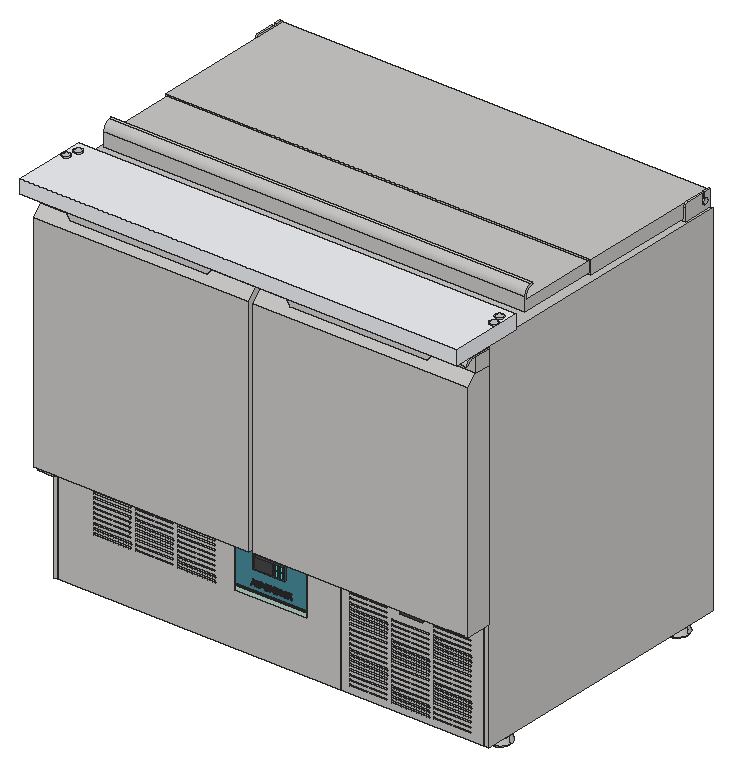
Revit family "QF_ALPENINOX_729616_ASAL25L2C9", category Attrezzature speciali, Revit 2021 (continued)
Definition of nested family "HORIZREF_APX_DISPLAY"
  Forms (mm)
    Extrusion 6, void
      sketch origin (0, 0, 0) x (1, 0, 0) y (0, 1, 0)
        loop
          arc (-7.884, -24.333) -> (-10.608, -24.223) -> (-12.283, -22.072) r 3.237
        loop
          line (-2.51, -16.15) -> (-2.51, -25.564)
          arc (-2.51, -25.564) -> (-1.255, -26.819) -> (0, -25.564) r 1.255
          line (0, -25.564) -> (0, -19.337) -> (5.334, -26.311)
          arc (5.334, -26.311) -> (6.759, -26.777) -> (7.642, -25.564) r 1.275
          line (7.642, -25.564) -> (7.642, -16.15)
          arc (7.642, -16.15) -> (6.387, -14.896) -> (5.133, -16.15) r 1.254
          line (5.133, -16.15) -> (5.133, -22.46) -> (-0.2, -15.406)
          arc (-0.2, -15.406) -> (-1.626, -14.937) -> (-2.51, -16.15) r 1.275
        loop
          arc (9.21, -25.564) -> (10.463, -26.818) -> (11.717, -25.564) r 1.254
          line (11.717, -25.564) -> (11.717, -16.15)
          arc (11.717, -16.15) -> (10.463, -14.897) -> (9.21, -16.15) r 1.254
          line (9.21, -16.15) -> (9.21, -25.564)
        loop
          line (13.286, -16.15) -> (13.286, -25.564)
          arc (13.286, -25.564) -> (14.541, -26.819) -> (15.796, -25.564) r 1.255
          line (15.796, -25.564) -> (15.796, -19.337) -> (21.13, -26.311)
          arc (21.13, -26.311) -> (22.555, -26.777) -> (23.438, -25.564) r 1.275
          line (23.438, -25.564) -> (23.438, -16.15)
          arc (23.438, -16.15) -> (22.183, -14.896) -> (20.929, -16.15) r 1.254
          line (20.929, -16.15) -> (20.929, -22.46) -> (15.596, -15.406)
          arc (15.596, -15.406) -> (14.17, -14.937) -> (13.286, -16.15) r 1.275
        loop
          arc (24.757, -20.858) -> (25.409, -23.75) -> (27.345, -25.996) r 6.12
          arc (27.345, -25.996) -> (28.851, -26.727) -> (30.509, -26.957) r 5.355
          arc (30.509, -26.957) -> (32.166, -26.727) -> (33.672, -25.996) r 5.355
          arc (33.672, -25.996) -> (35.608, -23.75) -> (36.26, -20.858) r 6.12
          arc (36.26, -20.858) -> (35.608, -17.965) -> (33.672, -15.719) r 6.12
          arc (33.672, -15.719) -> (32.166, -14.989) -> (30.509, -14.758) r 5.355
          arc (30.509, -14.758) -> (28.851, -14.989) -> (27.345, -15.719) r 5.355
          arc (27.345, -15.719) -> (25.409, -17.965) -> (24.757, -20.858) r 6.12
        loop
          arc (27.383, -20.858) -> (27.641, -22.549) -> (28.591, -23.972) r 3.945
          arc (28.591, -23.972) -> (29.485, -24.494) -> (30.509, -24.645) r 2.729
          arc (30.509, -24.645) -> (31.533, -24.494) -> (32.427, -23.972) r 2.729
          arc (32.427, -23.972) -> (33.377, -22.549) -> (33.635, -20.858) r 3.945
          arc (33.635, -20.858) -> (33.377, -19.166) -> (32.427, -17.743) r 3.945
          arc (32.427, -17.743) -> (31.533, -17.221) -> (30.509, -17.07) r 2.729
          arc (30.509, -17.07) -> (29.485, -17.221) -> (28.591, -17.743) r 2.729
          arc (28.591, -17.743) -> (27.641, -19.166) -> (27.383, -20.858) r 3.945
        loop
          line (36.898, -16.797) -> (39.607, -20.445) -> (36.295, -24.851)
          arc (36.295, -24.851) -> (36.562, -26.614) -> (38.319, -26.311) r 1.248
          line (38.319, -26.311) -> (41.06, -22.531) -> (43.802, -26.311)
          arc (43.802, -26.311) -> (45.558, -26.614) -> (45.826, -24.851) r 1.248
          line (45.826, -24.851) -> (42.513, -20.445) -> (45.223, -16.797)
          arc (45.223, -16.797) -> (44.892, -15.009) -> (43.133, -15.471) r 1.241
          line (43.133, -15.471) -> (41.06, -18.387) -> (38.987, -15.471)
          arc (38.987, -15.471) -> (37.229, -15.009) -> (36.898, -16.797) r 1.241
      from 2 to 0
    Extrusion 7, solid
      sketch origin (0, 0, 0) x (1, 0, 0) y (0, 1, 0)
        loop
          line (-78, 55) -> (-78, 45) -> (78, 45) -> (78, 55) -> (-78, 55)
        loop
          line (-78, -50) -> (78, -50) -> (78, -40) -> (-78, -40) -> (-78, -50)
        loop
          line (-78, 43) -> (-78, 41) -> (78, 41) -> (78, 43) -> (-78, 43)
        loop
          line (-78, -38) -> (78, -38) -> (78, -36) -> (-78, -36) -> (-78, -38)
      from 0 to 2
    Extrusion 8, solid
      sketch origin (0, 0, 0) x (1, 0, 0) y (0, 1, 0)
        loop
          line (-40.28, -16.132) -> (-43.639, -25.151)
          arc (-43.639, -25.151) -> (-42.932, -26.789) -> (-41.326, -26.013) r 1.236
          line (-41.326, -26.013) -> (-40.814, -24.438) -> (-36.167, -24.438) -> (-35.663, -25.996)
          arc (-35.663, -25.996) -> (-34.1, -26.749) -> (-33.423, -25.151) r 1.198
          line (-33.423, -25.151) -> (-36.701, -16.132)
          arc (-36.701, -16.132) -> (-38.491, -14.759) -> (-40.28, -16.132) r 1.853
        loop
          line (-38.488, -17.296) -> (-40.095, -22.151) -> (-36.917, -22.151) -> (-38.488, -17.296)
        loop
          arc (-32.215, -25.399) -> (-31.817, -26.36) -> (-30.856, -26.759) r 1.359
          line (-30.856, -26.759) -> (-26.733, -26.759)
          arc (-26.733, -26.759) -> (-25.59, -25.615) -> (-26.733, -24.472) r 1.143
          line (-26.733, -24.472) -> (-29.708, -24.472) -> (-29.708, -16.15)
          arc (-29.708, -16.15) -> (-30.962, -14.897) -> (-32.215, -16.15) r 1.253
          line (-32.215, -16.15) -> (-32.215, -25.399)
        loop
          line (-24.456, -16.25) -> (-24.456, -25.564)
          arc (-24.456, -25.564) -> (-23.203, -26.817) -> (-21.95, -25.564) r 1.253
          line (-21.95, -25.564) -> (-21.95, -22.846) -> (-20.094, -22.846)
          arc (-20.094, -22.846) -> (-17.193, -21.968) -> (-15.942, -19.208) r 3.67
          arc (-15.942, -19.208) -> (-17.188, -16.201) -> (-20.194, -14.956) r 4.252
          line (-20.194, -14.956) -> (-23.162, -14.956)
          arc (-23.162, -14.956) -> (-24.077, -15.335) -> (-24.456, -16.25) r 1.293
        loop
          line (-21.95, -20.66) -> (-20.24, -20.66)
          arc (-20.24, -20.66) -> (-18.483, -18.903) -> (-20.24, -17.145) r 1.757
          line (-20.24, -17.145) -> (-21.95, -17.145) -> (-21.95, -20.66)
        loop
          arc (-6.569, -19.744) -> (-7.307, -18.064) -> (-8.892, -17.14) r 2.967
          arc (-8.892, -17.14) -> (-11.217, -17.65) -> (-12.348, -19.744) r 2.856
          line (-12.348, -19.744) -> (-6.569, -19.744)
        loop
          line (-12.283, -22.072) -> (-5.994, -22.072)
          arc (-5.994, -22.072) -> (-4.868, -21.917) -> (-3.977, -21.211) r 2.158
          arc (-3.977, -21.211) -> (-3.846, -20.452) -> (-3.897, -19.684) r 3.268
          arc (-3.897, -19.684) -> (-5.832, -16.3) -> (-9.452, -14.855) r 5.916
          arc (-9.452, -14.855) -> (-13.524, -16.71) -> (-15.091, -20.902) r 5.846
          arc (-15.091, -20.902) -> (-13.845, -24.728) -> (-10.362, -26.742) r 5.622
          arc (-10.362, -26.742) -> (-8.132, -26.762) -> (-5.994, -26.128) r 7.518
          arc (-5.994, -26.128) -> (-5.025, -25.634) -> (-4.283, -24.838) r 3.135
          arc (-4.283, -24.838) -> (-4.083, -24.006) -> (-4.451, -23.234) r 1.282
          arc (-4.451, -23.234) -> (-4.936, -22.954) -> (-5.496, -22.954) r 1.082
          arc (-5.496, -22.954) -> (-5.87, -23.109) -> (-6.191, -23.355) r 1.55
          arc (-6.191, -23.355) -> (-7.003, -23.905) -> (-7.884, -24.333) r 6.834
          arc (-7.884, -24.333) -> (-10.608, -24.223) -> (-12.283, -22.072) r 3.237
        loop
          line (-2.51, -16.15) -> (-2.51, -25.564)
          arc (-2.51, -25.564) -> (-1.255, -26.819) -> (0, -25.564) r 1.255
          line (0, -25.564) -> (0, -19.337) -> (5.334, -26.311)
          arc (5.334, -26.311) -> (6.759, -26.777) -> (7.642, -25.564) r 1.275
          line (7.642, -25.564) -> (7.642, -16.15)
          arc (7.642, -16.15) -> (6.387, -14.896) -> (5.133, -16.15) r 1.254
          line (5.133, -16.15) -> (5.133, -22.46) -> (-0.2, -15.406)
          arc (-0.2, -15.406) -> (-1.626, -14.937) -> (-2.51, -16.15) r 1.275
        loop
          arc (9.21, -25.564) -> (10.463, -26.818) -> (11.717, -25.564) r 1.254
          line (11.717, -25.564) -> (11.717, -16.15)
          arc (11.717, -16.15) -> (10.463, -14.897) -> (9.21, -16.15) r 1.254
          line (9.21, -16.15) -> (9.21, -25.564)
        loop
          line (13.286, -16.15) -> (13.286, -25.564)
          arc (13.286, -25.564) -> (14.541, -26.819) -> (15.796, -25.564) r 1.255
          line (15.796, -25.564) -> (15.796, -19.337) -> (21.13, -26.311)
          arc (21.13, -26.311) -> (22.555, -26.777) -> (23.438, -25.564) r 1.275
          line (23.438, -25.564) -> (23.438, -16.15)
          arc (23.438, -16.15) -> (22.183, -14.896) -> (20.929, -16.15) r 1.254
          line (20.929, -16.15) -> (20.929, -22.46) -> (15.596, -15.406)
          arc (15.596, -15.406) -> (14.17, -14.937) -> (13.286, -16.15) r 1.275
        loop
          arc (24.757, -20.858) -> (25.409, -23.75) -> (27.345, -25.996) r 6.12
          arc (27.345, -25.996) -> (28.851, -26.727) -> (30.509, -26.957) r 5.355
          arc (30.509, -26.957) -> (32.166, -26.727) -> (33.672, -25.996) r 5.355
          arc (33.672, -25.996) -> (35.608, -23.75) -> (36.26, -20.858) r 6.12
          arc (36.26, -20.858) -> (35.608, -17.965) -> (33.672, -15.719) r 6.12
          arc (33.672, -15.719) -> (32.166, -14.989) -> (30.509, -14.758) r 5.355
          arc (30.509, -14.758) -> (28.851, -14.989) -> (27.345, -15.719) r 5.355
          arc (27.345, -15.719) -> (25.409, -17.965) -> (24.757, -20.858) r 6.12
        loop
          arc (27.383, -20.858) -> (27.641, -22.549) -> (28.591, -23.972) r 3.945
          arc (28.591, -23.972) -> (29.485, -24.494) -> (30.509, -24.645) r 2.729
          arc (30.509, -24.645) -> (31.533, -24.494) -> (32.427, -23.972) r 2.729
          arc (32.427, -23.972) -> (33.377, -22.549) -> (33.635, -20.858) r 3.945
          arc (33.635, -20.858) -> (33.377, -19.166) -> (32.427, -17.743) r 3.945
          arc (32.427, -17.743) -> (31.533, -17.221) -> (30.509, -17.07) r 2.729
          arc (30.509, -17.07) -> (29.485, -17.221) -> (28.591, -17.743) r 2.729
          arc (28.591, -17.743) -> (27.641, -19.166) -> (27.383, -20.858) r 3.945
        loop
          line (36.898, -16.797) -> (39.607, -20.445) -> (36.295, -24.851)
          arc (36.295, -24.851) -> (36.562, -26.614) -> (38.319, -26.311) r 1.248
          line (38.319, -26.311) -> (41.06, -22.531) -> (43.802, -26.311)
          arc (43.802, -26.311) -> (45.558, -26.614) -> (45.826, -24.851) r 1.248
          line (45.826, -24.851) -> (42.513, -20.445) -> (45.223, -16.797)
          arc (45.223, -16.797) -> (44.892, -15.009) -> (43.133, -15.471) r 1.241
          line (43.133, -15.471) -> (41.06, -18.387) -> (38.987, -15.471)
          arc (38.987, -15.471) -> (37.229, -15.009) -> (36.898, -16.797) r 1.241
      from 0 to 2
  Cuts and joins
    Extrusion 6 cuts Extrusion 2
  Dimensions and locks
    aligned and locked: plane 2 to Extrusion 1
    aligned and locked: level to Extrusion 1
Definition of nested family "HORIZREF_FEET20"
  Parameters
    Default Elevation = 0 mm
    FEET = 20 mm
  Reference planes
    plane 1 "Center (Front/Back)": y = 0
    plane 2: z = 0
    plane 3 "Center (Left/Right)": x = 0
    plane 4: z = 20
  Forms (mm)
    Revolve 1, solid
      sketch origin (255.05, 0, 608.09) x (0, 0, 1) y (-1, 0, 0)
        loop
          line (-608.09, 255.05) -> (-608.09, 233.546) -> (-605.676, 231.132) -> (-594.09, 235.349) -> (-594.09, 255.05) -> (-608.09, 255.05)
        axis (-608.09, 255.05) -> (-594.09, 255.05)
      angle from 0 to 360
    Revolve 2, solid
      sketch origin (255.05, 0, 608.09) x (0, 0, 1) y (-1, 0, 0)
        loop
          line (-594.09, 255.05) -> (-594.09, 245.05) -> (-588.09, 245.05) -> (-588.09, 255.05) -> (-594.09, 255.05)
        axis (-594.09, 255.05) -> (-588.09, 255.05)
      angle from 0 to 360
  Dimensions and locks
    "FEET": plane 4 to plane 2
    aligned and locked: level to plane 2
  Automatic sketch dimensions
    Revolve 1 sketch curve to level = 0 mm
    Revolve 1 sketch curve to plane 3 "Center (Left/Right)" = 0 mm  (x2)
    level to Revolve 1 sketch curve = 2.414 mm
    Revolve 1 sketch curve to plane 4 = 6 mm
    plane 3 "Center (Left/Right)" to Revolve 1 sketch curve = 19.701 mm
    Revolve 1 sketch curve to Revolve 1 sketch curve = 1.803 mm
    Revolve 1 sketch curve to Revolve 1 sketch curve = 2.414 mm
    plane 4 to Revolve 1 sketch curve = 50 mm
    Revolve 1 sketch curve to Revolve 1 sketch curve = 20 mm
    Revolve 2 sketch curve to plane 3 "Center (Left/Right)" = 0 mm  (x2)
    Revolve 2 sketch curve to plane 4 = 0 mm
    Revolve 2 sketch curve to plane 4 = 6 mm
    plane 3 "Center (Left/Right)" to Revolve 2 sketch curve = 10 mm
    Revolve 2 sketch curve to Revolve 2 sketch curve = 50 mm
    Revolve 2 sketch curve to Revolve 2 sketch curve = 20 mm
Definition of nested family "Refrigerator"
  Reference planes
    plane 1 "Center (Front/Back)": y = 0
    plane 2: z = 0
    plane 3 "Center (Left/Right)": x = 0
  Lines and regions (mm)
    detail lines, in view "Ref. Level"
      curve 1: spline (-500, 190, 0) -> (-493.185, 166.706, 0) -> (-473.205, 145, 0) -> (-441.421, 126.36, 0) -> (-400, 112.058, 0) -> (-351.764, 103.067, 0) -> (-300, 100, 0) -> (-248.236, 103.067, 0) -> (-200, 112.058, 0) -> (-158.579, 126.36, 0) -> (-126.795, 145, 0) -> (-106.815, 166.706, 0) -> (-100, 190, 0) -> (-106.815, 213.294, 0) -> (-126.795, 235, 0) -> (-158.579, 253.64, 0) -> (-200, 267.942, 0) -> (-248.236, 276.933, 0) -> (-300, 280, 0) -> (-351.764, 276.933, 0) -> (-400, 267.942, 0) -> (-441.421, 253.64, 0) -> (-473.205, 235, 0) -> (-493.185, 213.294, 0) -> (-500, 190, 0)
      curve 2: line (-300, 130, 0) -> (-300, 250, 0)
      curve 3: line (-351.962, 220, 0) -> (-248.038, 160, 0)
      curve 4: line (-351.962, 160, 0) -> (-248.038, 220, 0)
      curve 5: line (-280.884, 246.873, 0) -> (-300, 225, 0)
      curve 6: line (-300, 225, 0) -> (-319.116, 246.873, 0)
      curve 7: line (-330.311, 207.5, 0) -> (-339.696, 234.992, 0)
      curve 8: line (-358.812, 201.882, 0) -> (-330.311, 207.5, 0)
      curve 9: line (-330.311, 172.5, 0) -> (-358.812, 178.118, 0)
      curve 10: line (-339.696, 145.008, 0) -> (-330.311, 172.5, 0)
      curve 11: line (-300, 155, 0) -> (-319.116, 133.127, 0)
      curve 12: line (-280.884, 133.127, 0) -> (-300, 155, 0)
      curve 13: line (-269.689, 172.5, 0) -> (-260.304, 145.008, 0)
      curve 14: line (-241.188, 178.118, 0) -> (-269.689, 172.5, 0)
      curve 15: line (-269.689, 207.5, 0) -> (-241.188, 201.882, 0)
      curve 16: line (-260.304, 234.992, 0) -> (-269.689, 207.5, 0)
